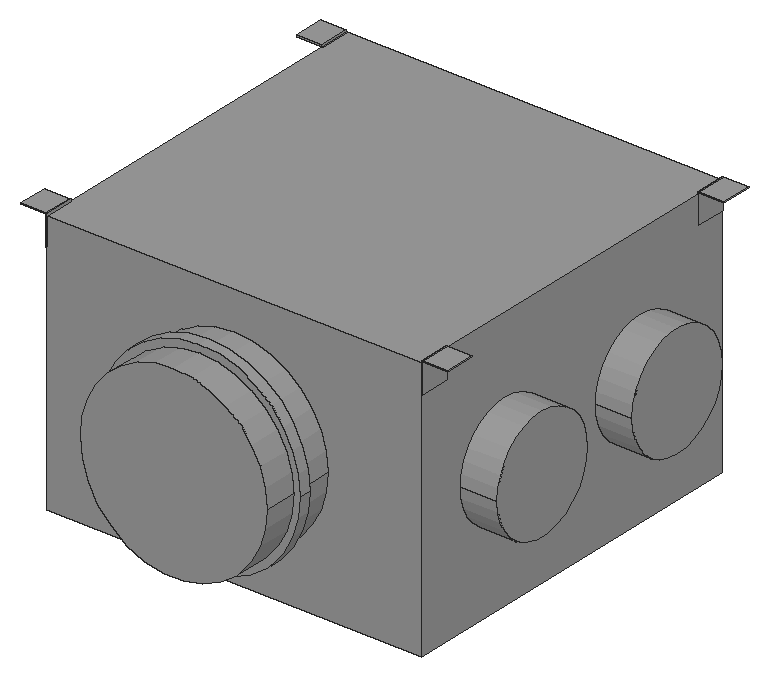
Revit family "FASU(F4-150 250Φ)", category ダクト付属品, Revit 2020
Family settings
  丸型コネクタ寸法 = 直径を使用
  パーツ タイプ = ダンパー
  OmniClass 番号 = 23.75.00.00
  OmniClass タイトル = Climate Control (HVAC)
  作業面ベース = いいえ
  常に垂直 = はい
  ロード時にボイドで切り取り = いいえ
  共有 = いいえ
Parameters
  高さ = 350 mm
  風量 = 0.0 L/s
  符号 = "FASU"
  形式 = "F4-150 250φ"
  幅 [instance] = 500 mm
  奥行き = 500 mm
  大きさ = 250 mm
  呼称 = "FASUチャンバー"
  付属品_下端レベル [instance] = 0 mm
  マテリアル [instance] = 既定値
  ダクト_イン = 250 mm
  ダクト_アウト = 150 mm
  既定の高さ = 0 mm
Reference planes
  plane 1 "中心(正面/背面)": y = 0
  plane 2: z = 0
  plane 3 "中心(左/右)": x = 0
  plane 4: x = -250
  plane 5: x = 250
  plane 6: y = -500
  plane 7: z = 350
  plane 8: z = 175
  plane 9: z = 266.963
  plane 10: z = 86.159
  plane 11: x = -125
  plane 12: x = 125
  plane 13: x = -135
  plane 14: x = 135
  plane 15: x = -251
  plane 16: z = 313.122
  plane 17: z = 352.122
  plane 18: y = -250
Forms (mm)
  Extrusion 1, solid, material "既定値" <- "マテリアル"
    sketch origin (0, 0, 0) x (1, 0, 0) y (0, 1, 0)
      loop
        line (-250, 0) -> (-250, -500) -> (250, -500) -> (250, 0) -> (-250, 0)
    from 0 to 350
  Extrusion 2, solid, material "既定値" <- "マテリアル"
    sketch origin (0, -30, 0) x (1, 0, 0) y (0, 0, 1)
      loop
        circle (0, 175) r 125
    from 470 to 512.5
  Extrusion 3, solid, material "既定値" <- "マテリアル"
    sketch origin (0, -30, 0) x (1, 0, 0) y (0, 0, 1)
      loop
        circle (0, 175) r 135
    from 512.5 to 527.5
  Extrusion 4, solid, material "既定値" <- "マテリアル"
    sketch origin (0, -117.5, 0) x (1, 0, 0) y (0, 0, 1)
      loop
        circle (0, 175) r 125
    from 440 to 482.5
  Extrusion 5, solid, material "既定値" <- "マテリアル"
    sketch origin (0, -30, 0) x (0, 1, 0) y (0, 0, 1)
      loop
        circle (-332.5, 175) r 74.985
    from -300 to -250
  Extrusion 6, solid, material "既定値" <- "マテリアル"
    sketch origin (550, -30, 0) x (0, 1, 0) y (0, 0, 1)
      loop
        circle (-332.5, 175) r 74.985
    from -300 to -250
  Extrusion 7, solid, material "既定値" <- "マテリアル"
    sketch origin (0, -30, 0) x (1, 0, 0) y (0, 1, 0)
      loop
        line (-250, 30) -> (-251, 30) -> (-251, -10) -> (-250, -10) -> (-250, 30)
    from 313.122 to 350
  Extrusion 8, solid, material "既定値" <- "マテリアル"
    sketch origin (0, -30, 0) x (1, 0, 0) y (0, 1, 0)
      loop
        line (-285, 30) -> (-285, -10) -> (-251, -10) -> (-251, 30) -> (-285, 30)
    from 352.122 to 350
  Extrusion 9, solid, material "既定値" <- "マテリアル"
    sketch origin (0, -30, 0) x (-1, 0, 0) y (0, -1, 0)
      loop
        line (-250, -30) -> (-250, 10) -> (-251, 10) -> (-251, -30) -> (-250, -30)
    from 313.122 to 353.122
  Extrusion 10, solid, material "既定値" <- "マテリアル"
    sketch origin (0, -30, 0) x (-1, 0, 0) y (0, -1, 0)
      loop
        line (-285, -30) -> (-251, -30) -> (-251, 10) -> (-285, 10) -> (-285, -30)
    from 352.122 to 353.122
  Extrusion 11, solid, material "既定値" <- "マテリアル"
    sketch origin (0, -490, 0) x (1, 0, 0) y (0, 1, 0)
      loop
        line (-285, 30) -> (-285, -10) -> (-251, -10) -> (-251, 30) -> (-285, 30)
    from 352.122 to 353.122
  Extrusion 12, solid, material "既定値" <- "マテリアル"
    sketch origin (0, -490, 0) x (1, 0, 0) y (0, 1, 0)
      loop
        line (-250, 30) -> (-251, 30) -> (-251, -10) -> (-250, -10) -> (-250, 30)
    from 313.122 to 353.122
  Extrusion 13, solid, material "既定値" <- "マテリアル"
    sketch origin (0, -490, 0) x (-1, 0, 0) y (0, -1, 0)
      loop
        line (-285, -30) -> (-251, -30) -> (-251, 10) -> (-285, 10) -> (-285, -30)
    from 352.122 to 353.122
  Extrusion 14, solid, material "既定値" <- "マテリアル"
    sketch origin (0, -490, 0) x (-1, 0, 0) y (0, -1, 0)
      loop
        line (-250, -30) -> (-250, 10) -> (-251, 10) -> (-251, -30) -> (-250, -30)
    from 313.122 to 353.122
  Extrusion 15, solid, material "既定値" <- "マテリアル"
    sketch origin (550, -470, 0) x (0, -1, 0) y (0, 0, -1)
      loop
        circle (-332.5, -175) r 74.985
    from -300 to -250
  Extrusion 16, solid, material "既定値" <- "マテリアル"
    sketch origin (-550, -470, 0) x (0, -1, 0) y (0, 0, 1)
      loop
        circle (-332.5, 175) r 74.985
    from -300 to -250
Lines and regions (mm)
  model lines
    curve 1: line (-250, -30, 0) -> (250, -30, 0)
    curve 2: line (-250, -470, 0) -> (250, -470, 0)
Text (mm)
  text "FASU(F4-150 250Φ)" at (120.822, -450.782, 0), in view "参照レベル"
Dimensions and locks
  equal spacing: plane 4, plane 3 "中心(左/右)", plane 5
  "幅": plane 4 to plane 5
  "奥行き": plane 6 to plane 1 "中心(正面/背面)"
  "高さ": plane 7 to level
  equal spacing: plane 7, plane 8, level
  equal spacing: plane 6, plane 18, plane 1 "中心(正面/背面)"
  aligned and locked: level to plane 2
  aligned and locked: Extrusion 1 sketch curve to plane 5
  aligned and locked: plane 7 to Extrusion 1
  aligned and locked: plane 4 to Extrusion 5
  aligned and locked: Extrusion 6 to plane 5
  aligned and locked: Extrusion 7 sketch curve to Extrusion 1
  aligned and locked: plane 7 to Extrusion 7
  aligned and locked: Extrusion 8 sketch curve to Extrusion 7
  aligned and locked: Extrusion 7 to Extrusion 8 sketch curve
  aligned and locked: plane 7 to Extrusion 8
  aligned and locked: Extrusion 8 to plane 17
  aligned and locked: Extrusion 9 to Extrusion 10 sketch curve
  aligned and locked: Extrusion 10 sketch curve to Extrusion 9
  aligned and locked: Extrusion 3 to Extrusion 4
  aligned and locked: Extrusion 3 to Extrusion 2
  aligned and locked: Extrusion 1 to Extrusion 13
  aligned and locked: Extrusion 11 to Extrusion 1
  aligned and locked: Extrusion 12 to Extrusion 1
  aligned and locked: Extrusion 1 to Extrusion 14
  aligned and locked: Extrusion 14 to Extrusion 13
  aligned and locked: Extrusion 12 to Extrusion 11
  aligned and locked: plane 4 to Extrusion 12
  aligned and locked: Extrusion 14 to plane 5
  aligned and locked: plane 4 to curve 1
  aligned and locked: plane 5 to curve 1
  aligned and locked: plane 5 to curve 2
  aligned and locked: plane 4 to curve 2
  aligned and locked: Extrusion 1 to Extrusion 8
  aligned and locked: Extrusion 10 to Extrusion 1
  aligned and locked: Extrusion 9 to plane 5
  aligned and locked: Extrusion 1 to plane 6
  aligned and locked: Extrusion 1 to plane 1 "中心(正面/背面)"
  aligned and locked: plane 6 to Extrusion 2
  aligned and locked: Extrusion 15 to plane 5
  aligned and locked: plane 4 to Extrusion 16
Automatic sketch dimensions
  plane 6 to curve 2 = 30 mm
  plane 1 "中心(正面/背面)" to curve 1 = 30 mm
  Extrusion 1 sketch curve to plane 4 = 0 mm
  Extrusion 1 sketch curve to plane 6 = 0 mm
  plane 1 "中心(正面/背面)" to Extrusion 1 sketch curve = 0 mm
  Extrusion 2 sketch curve to plane 3 "中心(左/右)" = 0 mm
  Extrusion 2 sketch curve to plane 8 = 0 mm
  Extrusion 3 sketch curve to plane 3 "中心(左/右)" = 0 mm
  Extrusion 3 sketch curve to plane 8 = 0 mm
  Extrusion 4 sketch curve to plane 3 "中心(左/右)" = 0 mm
  Extrusion 4 sketch curve to plane 8 = 0 mm
  Extrusion 5 sketch curve to plane 8 = 0 mm
  Extrusion 6 sketch curve to plane 8 = 0 mm
  plane 1 "中心(正面/背面)" to Extrusion 7 sketch curve = 0 mm
  Extrusion 7 sketch curve to plane 15 = 0 mm
  Extrusion 7 sketch curve to Extrusion 7 sketch curve = 40 mm
  plane 1 "中心(正面/背面)" to Extrusion 8 sketch curve = 0 mm
  Extrusion 8 sketch curve to Extrusion 8 sketch curve = 34 mm
  plane 1 "中心(正面/背面)" to Extrusion 9 sketch curve = 0 mm
  Extrusion 9 sketch curve to plane 5 = 0 mm
  Extrusion 9 sketch curve to Extrusion 9 sketch curve = 1 mm
  Extrusion 9 sketch curve to Extrusion 9 sketch curve = 40 mm
  plane 1 "中心(正面/背面)" to Extrusion 10 sketch curve = 0 mm
  Extrusion 10 sketch curve to Extrusion 10 sketch curve = 34 mm
  Extrusion 11 sketch curve to plane 6 = 0 mm
  Extrusion 11 sketch curve to plane 15 = 0 mm
  Extrusion 11 sketch curve to Extrusion 11 sketch curve = 34 mm
  Extrusion 12 sketch curve to plane 15 = 0 mm
  Extrusion 12 sketch curve to plane 4 = 0 mm
  Extrusion 12 sketch curve to plane 6 = 0 mm
  Extrusion 13 sketch curve to plane 6 = 0 mm
  Extrusion 13 sketch curve to plane 5 = 35 mm
  Extrusion 13 sketch curve to plane 5 = 1 mm
  Extrusion 14 sketch curve to plane 6 = 0 mm
  Extrusion 14 sketch curve to plane 5 = 0 mm
  Extrusion 14 sketch curve to Extrusion 14 sketch curve = 1 mm
  Extrusion 15 sketch curve to plane 8 = 0 mm
  plane 18 to Extrusion 15 sketch curve = 112.5 mm
  Extrusion 16 sketch curve to plane 8 = 0 mm
  plane 18 to Extrusion 16 sketch curve = 112.5 mm
  Extrusion 5 sketch curve to plane 18 = 112.5 mm
  Extrusion 6 sketch curve to plane 18 = 112.5 mm
  plane 6 to Extrusion 11 sketch curve = 40 mm
  plane 6 to Extrusion 12 sketch curve = 40 mm
  Extrusion 13 sketch curve to plane 6 = 40 mm
  Extrusion 14 sketch curve to plane 6 = 40 mm
  radius of Extrusion 2 sketch curve = 125 mm
  radius of Extrusion 3 sketch curve = 135 mm
  radius of Extrusion 4 sketch curve = 125 mm
  radius of Extrusion 5 sketch curve = 74.985 mm
  radius of Extrusion 6 sketch curve = 74.985 mm
  radius of Extrusion 15 sketch curve = 74.985 mm
  radius of Extrusion 16 sketch curve = 74.985 mm
Connectors
  hvac at (-300, -362.5, 175), driven by "ダクト_アウト"
    settings: on Extrusion 5, index 1, duct flow 0.0 L/s, flow factor 0, pres drop 0.0 Pa, loss coef 0, conn angle 0.00°, conn width 304.8 mm, conn height 304.8 mm, conn diameter 150 mm, duct sys type 29, conn prof type 0, flow config 0, flow direction 2, loss method 0, conn ref index -1, conn util no, is conn primary yes, conn desc ""
  hvac at (-300, -137.5, 175), driven by "ダクト_アウト"
    settings: on Extrusion 16, index 2, duct flow 0.0 L/s, flow factor 0, pres drop 0.0 Pa, loss coef 0, conn angle 0.00°, conn width 304.8 mm, conn height 304.8 mm, conn diameter 150 mm, duct sys type 29, conn prof type 0, flow config 0, flow direction 2, loss method 0, conn ref index -1, conn util no, is conn primary no, conn desc ""
  hvac at (300, -362.5, 175), driven by "ダクト_アウト"
    settings: on Extrusion 6, index 3, duct flow 0.0 L/s, flow factor 0, pres drop 0.0 Pa, loss coef 0, conn angle 0.00°, conn width 304.8 mm, conn height 304.8 mm, conn diameter 150 mm, duct sys type 29, conn prof type 0, flow config 0, flow direction 2, loss method 0, conn ref index -1, conn util no, is conn primary no, conn desc ""
  hvac at (300, -137.5, 175), driven by "ダクト_アウト"
    settings: on Extrusion 15, index 4, duct flow 0.0 L/s, flow factor 0, pres drop 0.0 Pa, loss coef 0, conn angle 0.00°, conn width 304.8 mm, conn height 304.8 mm, conn diameter 150 mm, duct sys type 29, conn prof type 0, flow config 0, flow direction 2, loss method 0, conn ref index -1, conn util no, is conn primary no, conn desc ""
  hvac at (0, -600, 175), driven by "ダクト_イン"
    settings: on Extrusion 4, index 5, duct flow 0.0 L/s, flow factor 0, pres drop 0.0 Pa, loss coef 0, conn angle 0.00°, conn width 304.8 mm, conn height 304.8 mm, conn diameter 250 mm, duct sys type 29, conn prof type 0, flow config 0, flow direction 1, loss method 0, conn ref index -1, conn util no, is conn primary no, conn desc ""
